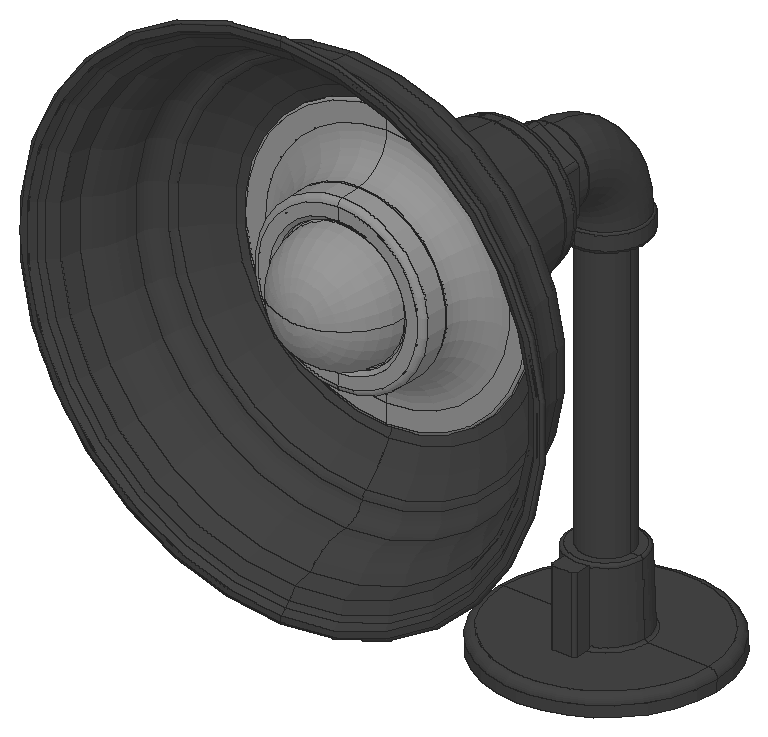
Revit family "BLE-G-WHB-G4-LED", category Lighting Fixtures, host Face, Revit 2022 (continued)
Definition of nested family "WHB Shade"
  Definition of nested family "SHD-0022"
    Automatic sketch dimensions
      Revolve 2 sketch curve to plane 28 = 0' - 0"
      Revolve 2 sketch curve to plane 44 = 0' - 0"  (x2)
      Revolve 2 sketch curve to plane 45 = 0' - 0"
      Revolve 2 sketch curve to plane 25 = 0' - 0"  (x2)
      Revolve 2 sketch curve to plane 26 = 0' - 0"
      Revolve 2 sketch curve to plane 23 = 0' - 0"
      Revolve 2 sketch curve to plane 24 = 0' - 0"
      Revolve 2 sketch curve to plane 17 = 0' - 0"  (x2)
      Revolve 2 sketch curve to plane 18 = 0' - 0"
      Revolve 2 sketch curve to plane 43 = 0' - 0"
      Revolve 2 sketch curve to plane 15 = 0' - 0"
      Revolve 2 sketch curve to plane 11 = 0' - 0"
      Revolve 2 sketch curve to plane 12 = 0' - 0"
      Revolve 2 sketch curve to level = 0' - 0"
      Revolve 2 sketch curve to plane 46 = 0' - 0"
      plane 47 to Revolve 2 sketch curve = 0' - 0.0179"
      plane 40 to Revolve 2 sketch curve = 0' - 0.02959"
      Revolve 2 sketch curve to plane 38 = 0' - 0.10628"
      Revolve 2 sketch curve to plane 36 = 0' - 0.02996"
      plane 36 to Revolve 2 sketch curve = 0' - 0.01329"
      Revolve 2 sketch curve to plane 35 = 0' - 0.01376"
      Revolve 2 sketch curve to Revolve 2 sketch curve = 0' - 0.03566"
      Revolve 2 sketch curve to Revolve 2 sketch curve = 0' - 1.02937"
      plane 34 to Revolve 2 sketch curve = 0' - 0.03194"
      plane 24 to Revolve 2 sketch curve = 0' - 0.02435"
      plane 21 to Revolve 2 sketch curve = 0' - 0.01402"
      Revolve 2 sketch curve to plane 22 = 0' - 0.01758"
      plane 22 to Revolve 2 sketch curve = 0' - 0.00677"
      plane 19 to Revolve 2 sketch curve = 0' - 0.01379"
      plane 25 to Revolve 2 sketch curve = 0' - 0.01516"
      Revolve 2 sketch curve to plane 16 = 0' - 0.00281"
      plane 14 to Revolve 2 sketch curve = 0' - 0.00034"
      plane 13 to Revolve 2 sketch curve = 0' - 0.00088"
      Revolve 2 sketch curve to Revolve 2 sketch curve = 0' - 0.03885"
      Revolve 2 sketch curve to plane 9 = 0' - 0.02661"
      plane 11 to Revolve 2 sketch curve = 0' - 0.00408"
      Revolve 2 sketch curve to plane 9 = 0' - 0.02415"
      plane 7 to Revolve 2 sketch curve = 0' - 0.00188"
      Revolve 2 sketch curve to plane 6 = 0' - 0.00219"
      Revolve 2 sketch curve to plane 6 = 0' - 0.00024"
      Revolve 2 sketch curve to plane 8 = 0' - 0.00431"
      plane 6 to Revolve 2 sketch curve = 0' - 0.01338"
      plane 5 to Revolve 2 sketch curve = 0' - 0.00799"
      plane 6 to Revolve 2 sketch curve = 0' - 0.03826"
      plane 4 to Revolve 2 sketch curve = 0' - 0.00196"
      level to Revolve 2 sketch curve = 0' - 0 5/128"
      plane 11 to Revolve 2 sketch curve = 0' - 0.0107"
      Revolve 2 sketch curve to plane 23 = 0' - 0.01444"
      plane 23 to Revolve 2 sketch curve = 0' - 0.03054"
      plane 33 to Revolve 2 sketch curve = 0' - 0.02427"
      Revolve 2 sketch curve to plane 35 = 0' - 0.16955"
      plane 39 to Revolve 2 sketch curve = 0' - 0.0255"
      Revolve 2 sketch curve to plane 46 = 0' - 0 5/128"
      plane 41 to Revolve 2 sketch curve = 0' - 0.11598"
      plane 11 to Revolve 2 sketch curve = 0' - 0.32444"
      plane 13 to Revolve 2 sketch curve = 0' - 0.162"
  Definition of nested family "SHD-0021"
    Parameters (values of type "SHD-0021")
      Shade Material = none
      Default Elevation = 2' - 0"
    Reference planes (in)
      plane 1 "Center (Front/Back)": y = 0
      plane 2: z = 0
      plane 3 "Center (Left/Right)": x = 0
      plane 4: x = -1.27876
      plane 5: z = 0.137
      plane 6: x = -1.44076
      plane 7: x = -1.46776
      plane 8: z = 0.294
      plane 9: x = -1.48176
      plane 10: z = 0.311
      plane 11: z = 0.395
      plane 12: x = -1.54476
      plane 13: z = 2.088
      plane 14: x = -1.72276
      plane 15: z = 2.5
      plane 16: x = -2.18076
      plane 17: z = 2.608
      plane 18: x = -2.43176
      plane 19: x = -2.82376
      plane 20: z = 2.873
      plane 21: z = 2.895
      plane 22: x = -2.87876
      plane 23: z = 2.954
      plane 24: x = -2.95276
      plane 25: z = 3.023
      plane 26: x = -3.10676
      plane 27: z = 4.006
      plane 28: x = -6.02976
      plane 29: z = 4.19
      plane 30: x = -6.22876
      plane 31: z = 4.534
      plane 32: x = -6.40776
      plane 33: z = 5.391
      plane 34: x = -6.78276
      plane 35: z = 7.548
      plane 36: x = -7.74776
      plane 37: z = 7.704
      plane 38: x = -7.94076
      plane 39: z = 7.872
      plane 40: x = -8.19776
      plane 41: z = 8.118
      plane 42: x = -8.33276
      plane 43: x = -2.27776
      plane 44: z = 3.556
      plane 45: x = -5.39176
      plane 46: z = 7.958
      plane 47: x = -8.40976
      plane 48: x = -8.44276
    Forms (in)
      Extrusion 1, solid
        sketch origin (0.09263, 0, 0.02324) x (1, 0, 0) y (0, 1, 0)
          loop
            line (-48, 48) -> (-48, -48) -> (48, -48) -> (48, 48) -> (-48, 48)
        from -0.02324 to -12
      Revolve 2, solid, material <- "Shade Material"
        sketch origin (0, 0, 0) x (1, 0, 0) y (0, 0, 1)
          loop
            line (0, 0) -> (0, 0.03906) -> (-1.2768, 0.03906)
            arc (-1.2768, 0.03906) -> (-1.35899, 0.06907) -> (-1.4025, 0.14499) r 0.12754
            line (-1.4025, 0.14499) -> (-1.42739, 0.28969)
            arc (-1.42739, 0.28969) -> (-1.44233, 0.32466) -> (-1.47142, 0.34916) r 0.08217
            arc (-1.47142, 0.34916) -> (-1.49504, 0.36972) -> (-1.50591, 0.39908) r 0.06331
            line (-1.50591, 0.39908) -> (-1.68358, 2.08888)
            arc (-1.68358, 2.08888) -> (-1.84717, 2.40993) -> (-2.18358, 2.53906) r 0.50276
            line (-2.18358, 2.53906) -> (-2.27776, 2.53906)
            arc (-2.27776, 2.53906) -> (-2.34938, 2.56167) -> (-2.39504, 2.62131) r 0.12473
            arc (-2.39504, 2.62131) -> (-2.55131, 2.82856) -> (-2.79707, 2.91211) r 0.44133
            arc (-2.79707, 2.91211) -> (-2.83676, 2.91975) -> (-2.87199, 2.93956) r 0.1261
            line (-2.87199, 2.93956) -> (-2.92841, 2.98454)
            arc (-2.92841, 2.98454) -> (-3.00942, 3.0339) -> (-3.10018, 3.0615) r 0.37764
            arc (-3.10018, 3.0615) -> (-3.82518, 3.20008) -> (-4.54423, 3.36682) r 18.935
            arc (-4.54423, 3.36682) -> (-4.89816, 3.46771) -> (-5.25153, 3.57053) r 67.20826
            arc (-5.25153, 3.57053) -> (-5.42028, 3.70111) -> (-5.56302, 3.8597) r 1.19083
            arc (-5.56302, 3.8597) -> (-5.65452, 3.96172) -> (-5.76247, 4.04615) r 0.77987
            arc (-5.76247, 4.04615) -> (-5.88906, 4.18342) -> (-5.93432, 4.36459) r 0.37728
            arc (-5.93432, 4.36459) -> (-6.03243, 4.84456) -> (-6.31527, 5.24456) r 1.19223
            line (-6.31527, 5.24456) -> (-6.9641, 6.69444)
            arc (-6.9641, 6.69444) -> (-7.02564, 6.76847) -> (-7.10117, 6.82816) r 0.46277
            line (-7.10117, 6.82816) -> (-7.33587, 7.04516) -> (-7.45485, 7.04516)
            arc (-7.45485, 7.04516) -> (-7.50126, 6.99876) -> (-7.45485, 6.95235) r 0.0464
            line (-7.45485, 6.95235) -> (-7.29303, 6.95235) -> (-7.12501, 6.79701)
            arc (-7.12501, 6.79701) -> (-7.05533, 6.74284) -> (-6.99838, 6.67541) r 0.42371
            line (-6.99838, 6.67541) -> (-6.34765, 5.22128)
            arc (-6.34765, 5.22128) -> (-6.06985, 4.83266) -> (-5.97338, 4.3648) r 1.15316
            arc (-5.97338, 4.3648) -> (-5.92344, 4.16487) -> (-5.78374, 4.01338) r 0.41634
            arc (-5.78374, 4.01338) -> (-5.6812, 3.93319) -> (-5.59428, 3.83628) r 0.74081
            arc (-5.59428, 3.83628) -> (-5.4448, 3.67058) -> (-5.26784, 3.53461) r 1.2299
            arc (-5.26784, 3.53461) -> (-4.91136, 3.43086) -> (-4.55432, 3.32907) r 67.24732
            arc (-4.55432, 3.32907) -> (-3.83352, 3.16192) -> (-3.10676, 3.023) r 18.97406
            arc (-3.10676, 3.023) -> (-3.0254, 2.99825) -> (-2.95276, 2.954) r 0.33858
            line (-2.95276, 2.954) -> (-2.89634, 2.90902)
            arc (-2.89634, 2.90902) -> (-2.85019, 2.88307) -> (-2.79821, 2.87306) r 0.16516
            arc (-2.79821, 2.87306) -> (-2.57421, 2.79691) -> (-2.43176, 2.608) r 0.40227
            arc (-2.43176, 2.608) -> (-2.37181, 2.52969) -> (-2.27776, 2.5) r 0.1638
            line (-2.27776, 2.5) -> (-2.18358, 2.5)
            arc (-2.18358, 2.5) -> (-1.87331, 2.3809) -> (-1.72243, 2.08479) r 0.46369
            line (-1.72243, 2.08479) -> (-1.54476, 0.395)
            arc (-1.54476, 0.395) -> (-1.52718, 0.34751) -> (-1.48898, 0.31427) r 0.10237
            arc (-1.48898, 0.31427) -> (-1.47372, 0.30141) -> (-1.46588, 0.28307) r 0.04311
            line (-1.46588, 0.28307) -> (-1.441, 0.13837)
            arc (-1.441, 0.13837) -> (-1.38416, 0.0392) -> (-1.2768, 0) r 0.1666
            line (-1.2768, 0) -> (0, 0)
          axis (0, 7.04516) -> (0, 0)
        angle from 0 to 360
    Dimensions and locks (in)
      locked: plane 5 to Extrusion 1 at 0.137
      locked: plane 8 to plane 5 at 0.157
      locked: plane 10 to plane 8 at 0.017
      locked: plane 11 to plane 10 at 0.084
      locked: plane 13 to plane 11 at 1.693
      locked: plane 15 to plane 13 at 0.412
      locked: plane 17 to plane 15 at 0.108
      locked: plane 20 to plane 17 at 0.265
      locked: plane 21 to plane 20 at 0.022
      locked: plane 23 to plane 21 at 0.059
      locked: plane 25 to plane 23 at 0.069
      locked: plane 29 to plane 27 at 0.184
      locked: plane 31 to plane 29 at 0.344
      locked: plane 33 to plane 31 at 0.857
      locked: plane 35 to plane 33 at 2.157
      locked: plane 37 to plane 35 at 0.156
      locked: plane 39 to plane 37 at 0.168
      locked: plane 41 to plane 39 at 0.246
      locked: plane 16 to plane 43 at 0.097
      locked: plane 44 to plane 25 at 0.533
      locked: plane 27 to plane 44 at 0.45
      locked: plane 41 to plane 46 at 0.16
      locked: plane 3 "Center (Left/Right)" to plane 4 at 1.27876
      locked: plane 4 to plane 6 at 0.162
      locked: plane 6 to plane 9 at 0.041
      locked: plane 9 to plane 12 at 0.063
      locked: plane 12 to plane 14 at 0.178
      locked: plane 14 to plane 16 at 0.458
      locked: plane 43 to plane 18 at 0.154
      locked: plane 18 to plane 19 at 0.392
      locked: plane 19 to plane 22 at 0.055
      locked: plane 22 to plane 24 at 0.074
      locked: plane 24 to plane 26 at 0.154
      plane 3 "Center (Left/Right)" to plane 45 = 0' - 5.39176"
      locked: plane 36 to plane 38 at 0.193
      locked: plane 38 to plane 40 at 0.257
      locked: plane 40 to plane 42 at 0.135
      locked: plane 42 to plane 47 at 0.077
      locked: plane 47 to plane 48 at 0.033
      aligned and locked: plane 2 to Extrusion 1
      aligned and locked: level to Extrusion 1
      aligned and locked: Revolve 2 sketch curve to plane 3 "Center (Left/Right)"  (x2)
    Automatic sketch dimensions
      Extrusion 1 sketch curve to Extrusion 1 sketch curve = 8' - 0"  (x2)
      Revolve 2 sketch curve to Revolve 2 sketch curve = 0' - 0"  (x35)
      Revolve 2 sketch curve to plane 25 = 0' - 0"  (x2)
      Revolve 2 sketch curve to plane 26 = 0' - 0"
      Revolve 2 sketch curve to plane 23 = 0' - 0"
      Revolve 2 sketch curve to plane 24 = 0' - 0"
      Revolve 2 sketch curve to plane 17 = 0' - 0"  (x2)
      Revolve 2 sketch curve to plane 18 = 0' - 0"
      Revolve 2 sketch curve to plane 15 = 0' - 0"
      Revolve 2 sketch curve to plane 43 = 0' - 0"
      Revolve 2 sketch curve to plane 11 = 0' - 0"
      Revolve 2 sketch curve to plane 12 = 0' - 0"
      Revolve 2 sketch curve to level = 0' - 0"
      Revolve 2 sketch curve to Revolve 2 sketch curve = 0' - 0.21107"
      plane 31 to Revolve 2 sketch curve = 0' - 0.03985"
      plane 45 to Revolve 2 sketch curve = 0' - 0.78168"
      Revolve 2 sketch curve to plane 45 = 0' - 0.16528"
      plane 30 to Revolve 2 sketch curve = 0' - 0.04167"
      Revolve 2 sketch curve to plane 30 = 0' - 0.08651"
      Revolve 2 sketch curve to Revolve 2 sketch curve = 0' - 0.03238"
      Revolve 2 sketch curve to plane 34 = 0' - 0.18134"
      Revolve 2 sketch curve to Revolve 2 sketch curve = 0' - 0.03428"
      Revolve 2 sketch curve to Revolve 2 sketch curve = 0' - 0.10279"
      Revolve 2 sketch curve to Revolve 2 sketch curve = 0' - 0.02385"
      Revolve 2 sketch curve to plane 31 = 0' - 0.1631"
      Revolve 2 sketch curve to plane 34 = 0' - 0 11/32"
      Revolve 2 sketch curve to Revolve 2 sketch curve = 0' - 0.19186"
      plane 36 to Revolve 2 sketch curve = 0' - 0.39897"
      Revolve 2 sketch curve to Revolve 2 sketch curve = 0' - 0.16182"
      plane 24 to Revolve 2 sketch curve = 0' - 0.02435"
      plane 21 to Revolve 2 sketch curve = 0' - 0.01402"
      Revolve 2 sketch curve to plane 22 = 0' - 0.01758"
      plane 22 to Revolve 2 sketch curve = 0' - 0.00677"
      plane 19 to Revolve 2 sketch curve = 0' - 0.01379"
      plane 25 to Revolve 2 sketch curve = 0' - 0.01516"
      Revolve 2 sketch curve to plane 16 = 0' - 0.00281"
      plane 14 to Revolve 2 sketch curve = 0' - 0.00034"
      plane 13 to Revolve 2 sketch curve = 0' - 0.00088"
      Revolve 2 sketch curve to Revolve 2 sketch curve = 0' - 0.03885"
      Revolve 2 sketch curve to plane 9 = 0' - 0.02661"
      plane 11 to Revolve 2 sketch curve = 0' - 0.00408"
      Revolve 2 sketch curve to plane 9 = 0' - 0.02415"
      plane 7 to Revolve 2 sketch curve = 0' - 0.00188"
      Revolve 2 sketch curve to plane 6 = 0' - 0.00219"
      Revolve 2 sketch curve to plane 6 = 0' - 0.00024"
      Revolve 2 sketch curve to plane 8 = 0' - 0.00431"
      plane 6 to Revolve 2 sketch curve = 0' - 0.01338"
      plane 5 to Revolve 2 sketch curve = 0' - 0.00799"
      plane 6 to Revolve 2 sketch curve = 0' - 0.03826"
      plane 4 to Revolve 2 sketch curve = 0' - 0.00196"
      plane 3 "Center (Left/Right)" to Revolve 2 sketch curve = 0' - 0.09162"
      plane 3 "Center (Left/Right)" to Revolve 2 sketch curve = 1' - 1.70309"
      level to Revolve 2 sketch curve = 0' - 0 5/128"
      plane 11 to Revolve 2 sketch curve = 0' - 0.0107"
      Revolve 2 sketch curve to plane 23 = 0' - 0.01444"
      plane 23 to Revolve 2 sketch curve = 0' - 0.03054"
      Revolve 2 sketch curve to plane 44 = 0' - 0.16398"
      Revolve 2 sketch curve to plane 31 = 0' - 0.1714"
      Revolve 2 sketch curve to plane 33 = 0' - 0.16972"
      Revolve 2 sketch curve to Revolve 2 sketch curve = 0' - 0.02328"
      plane 33 to Revolve 2 sketch curve = 0' - 1.04622"
      Revolve 2 sketch curve to Revolve 2 sketch curve = 0' - 0.23818"
      Revolve 2 sketch curve to Revolve 2 sketch curve = 0' - 0.01904"
      Revolve 2 sketch curve to Revolve 2 sketch curve = 0' - 0.12419"
      Revolve 2 sketch curve to Revolve 2 sketch curve = 0' - 0.0464"
      Revolve 2 sketch curve to Revolve 2 sketch curve = 3' - 10.325"
      Revolve 2 sketch curve to plane 44 = 0' - 0.18918"
      plane 45 to Revolve 2 sketch curve = 0' - 0.84753"
      Revolve 2 sketch curve to Revolve 2 sketch curve = 0' - 0.01009"
      plane 44 to Revolve 2 sketch curve = 0' - 0.01453"
      Revolve 2 sketch curve to plane 44 = 0' - 0.02139"
      Revolve 2 sketch curve to Revolve 2 sketch curve = 0' - 0.04284"
      plane 11 to Revolve 2 sketch curve = 0' - 0.32444"
      plane 13 to Revolve 2 sketch curve = 0' - 0.162"
Definition of nested family "ACR-0306"
  Parameters (values of type "Flat")
    Flat = yes
    Dome = no
    Default Elevation = 2' - 0"
  Types (3): name | Flat | Dome
    (no name) | yes | no
    Dome | no | yes
    Flat | yes | no
  Reference planes (in)
    plane 1 "Center (Front/Back)": y = 0
    plane 2: z = 0
    plane 3 "Center (Left/Right)": x = 0
  Forms (in)
    Extrusion 1, solid
      sketch origin (0, 0, 0) x (1, 0, 0) y (0, 1, 0)
        loop
          line (-48, 48) -> (-48, -48) -> (48, -48) -> (48, 48) -> (-48, 48)
      from 0 to -12
  Dimensions and locks (in)
    aligned and locked: plane 2 to Extrusion 1
    aligned and locked: level to Extrusion 1
    aligned and locked: plane 3 "Center (Left/Right)" to nested 1
    aligned and locked: plane 1 "Center (Front/Back)" to nested 1
    aligned and locked: plane 1 "Center (Front/Back)" to nested 2
    aligned and locked: plane 3 "Center (Left/Right)" to nested 2
  Nested families (in)
    nested 1: "ACR-0306-FL" at (0, 0, 0), visible <- "Flat", type "ACR-0306-FL"
    nested 2: "ACR-0306-DL" at (0, 0, 0), visible <- "Dome", type "ACR-0306-DL"
  Definition of nested family "ACR-0306-FL"
    Parameters (values of type "ACR-0306-FL")
      Default Elevation = 2' - 0"
    Reference planes (in)
      plane 1 "Center (Front/Back)": y = 0
      plane 2: z = 0
      plane 3 "Center (Left/Right)": x = 0
    Forms (in)
      Extrusion 1, solid
        sketch origin (0, 0, 0) x (1, 0, 0) y (0, 1, 0)
          loop
            line (-48, 48) -> (-48, -48) -> (48, -48) -> (48, 48) -> (-48, 48)
        from 0 to -12
      Revolve 2, solid
        sketch origin (0, 0, 0) x (1, 0, 0) y (0, 0, 1)
          loop
            line (0, 0) -> (0, 0.0811) -> (-1.55567, 0.0811)
            arc (-1.55567, 0.0811) -> (-1.56963, 0.07532) -> (-1.57541, 0.06137) r 0.01973
            line (-1.57541, 0.06137) -> (-1.57541, 0) -> (0, 0)
          axis (0, 0.0811) -> (0, 0)
        angle from 0 to 360
    Dimensions and locks (in)
      aligned and locked: plane 2 to Extrusion 1
      aligned and locked: level to Extrusion 1
      aligned and locked: Revolve 2 sketch curve to plane 3 "Center (Left/Right)"
    Automatic sketch dimensions
      Extrusion 1 sketch curve to Extrusion 1 sketch curve = 8' - 0"  (x2)
      Revolve 2 sketch curve to plane 3 "Center (Left/Right)" = 0' - 0"
      Revolve 2 sketch curve to level = 0' - 0"
      level to Revolve 2 sketch curve = 0' - 0.06137"
      Revolve 2 sketch curve to plane 3 "Center (Left/Right)" = 0' - 1.55567"
      Revolve 2 sketch curve to Revolve 2 sketch curve = 0' - 0.01973"
      Revolve 2 sketch curve to Revolve 2 sketch curve = 0' - 0.42716"
      Revolve 2 sketch curve to Revolve 2 sketch curve = 0' - 1.63223"
  Definition of nested family "ACR-0306-DL"
    Parameters (values of type "ACR-0306-DL")
      Default Elevation = 2' - 0"
    Reference planes (in)
      plane 1 "Center (Front/Back)": y = 0
      plane 2: z = 0
      plane 3 "Center (Left/Right)": x = 0
    Forms (in)
      Extrusion 1, solid
        sketch origin (0, 0, 0) x (1, 0, 0) y (0, 1, 0)
          loop
            line (-48, 48) -> (-48, -48) -> (48, -48) -> (48, 48) -> (-48, 48)
        from 0 to -12
      Revolve 2, solid
        sketch origin (0, 0, 0) x (1, 0, 0) y (0, 0, 1)
          loop
            arc (-1.31383, 0) -> (-1.24748, 0.02724) -> (-1.2194, 0.09324) r 0.09444
            arc (-1.2194, 0.09324) -> (-0.85683, 0.94555) -> (0, 1.29728) r 1.2195
            line (0, 1.29728) -> (0, 1.37984)
            arc (0, 1.37984) -> (-0.90946, 1.00889) -> (-1.30005, 0.1077) r 1.30036
            arc (-1.30005, 0.1077) -> (-1.30822, 0.08886) -> (-1.32723, 0.0811) r 0.02719
            line (-1.32723, 0.0811) -> (-1.55567, 0.0811)
            arc (-1.55567, 0.0811) -> (-1.56963, 0.07532) -> (-1.57541, 0.06137) r 0.01973
            line (-1.57541, 0.06137) -> (-1.57541, 0) -> (-1.31383, 0)
          axis (0, 1.37984) -> (0, 0)
        angle from 0 to 360
    Dimensions and locks (in)
      aligned and locked: plane 2 to Extrusion 1
      aligned and locked: level to Extrusion 1
      aligned and locked: Revolve 2 sketch curve to plane 3 "Center (Left/Right)"
    Automatic sketch dimensions
      Extrusion 1 sketch curve to Extrusion 1 sketch curve = 8' - 0"  (x2)
      Revolve 2 sketch curve to level = 0' - 0"
      Revolve 2 sketch curve to plane 3 "Center (Left/Right)" = 0' - 0"  (x3)
      Revolve 2 sketch curve to plane 3 "Center (Left/Right)" = 0' - 1.31383"
      Revolve 2 sketch curve to Revolve 2 sketch curve = 0' - 0.0134"
      level to Revolve 2 sketch curve = 0' - 0.06137"
      Revolve 2 sketch curve to Revolve 2 sketch curve = 0' - 0.22844"
      Revolve 2 sketch curve to Revolve 2 sketch curve = 0' - 0.01973"
      level to Revolve 2 sketch curve = 0' - 0.07778"
      Revolve 2 sketch curve to Revolve 2 sketch curve = 0' - 0.00169"
      Revolve 2 sketch curve to Revolve 2 sketch curve = 0' - 0.01334"
      Revolve 2 sketch curve to Revolve 2 sketch curve = 0' - 0.01385"
      Revolve 2 sketch curve to Revolve 2 sketch curve = 0' - 1.2178"
      Revolve 2 sketch curve to Revolve 2 sketch curve = 0' - 0.08255"
      Revolve 2 sketch curve to level = 0' - 0.42716"
      Revolve 2 sketch curve to Revolve 2 sketch curve = 0' - 0.3335"
Definition of nested family "RNG-0007"
  Parameters (values of type "RNG-0007")
    Default Elevation = 2' - 0"
  Reference planes (in)
    plane 1 "Center (Front/Back)": y = 0
    plane 2: z = 0
    plane 3 "Center (Left/Right)": x = 0
    plane 4: x = -1.35
  Forms (in)
    Extrusion 1, solid
      sketch origin (0, 0, 0.00163) x (1, 0, 0) y (0, 1, 0)
        loop
          line (-48, 48) -> (-48, -48) -> (48, -48) -> (48, 48) -> (-48, 48)
      from -0.00163 to -12
    Revolve 2, solid
      sketch origin (0, 0, 0) x (1, 0, 0) y (0, 0, 1)
        loop
          line (-1.62365, -0.38995) -> (-1.62365, 0) -> (-1.35, 0) -> (-1.35, 0.0714) -> (-1.42851, 0.14991) -> (-1.67485, 0.14991)
          arc (-1.67485, 0.14991) -> (-1.76216, 0.11443) -> (-1.79998, 0.02812) r 0.12517
          line (-1.79998, 0.02812) -> (-1.81128, -0.38995) -> (-1.62365, -0.38995)
        axis (0, 0.14991) -> (0, -0.38995)
      angle from 0 to 360
  Dimensions and locks (in)
    locked: plane 3 "Center (Left/Right)" to plane 4 at 1.35
    aligned and locked: plane 2 to Extrusion 1
    aligned and locked: level to Extrusion 1
    aligned and locked: Revolve 2 sketch curve to plane 3 "Center (Left/Right)"
  Automatic sketch dimensions
    Extrusion 1 sketch curve to Extrusion 1 sketch curve = 8' - 0"  (x2)
    Revolve 2 sketch curve to level = 0' - 0.38995"
    Revolve 2 sketch curve to plane 4 = 0' - 0"
    Revolve 2 sketch curve to plane 4 = 0' - 0.07851"
    Revolve 2 sketch curve to Revolve 2 sketch curve = 0' - 0.19514"
    Revolve 2 sketch curve to Revolve 2 sketch curve = 0' - 0.0512"
    Revolve 2 sketch curve to Revolve 2 sketch curve = 0' - 0.12513"
    Revolve 2 sketch curve to Revolve 2 sketch curve = 0' - 0.18763"
    Revolve 2 sketch curve to Revolve 2 sketch curve = 0' - 0.38995"
    Revolve 2 sketch curve to Revolve 2 sketch curve = 0' - 0.02473"
    Revolve 2 sketch curve to Revolve 2 sketch curve = 0' - 0.0714"
    Revolve 2 sketch curve to level = 0' - 0.0832"
    level to Revolve 2 sketch curve = 0' - 0.71355"
Definition of nested family "CPL-0004"
  Parameters (values of type "CPL-0004")
    Coupler Material = none
    Default Elevation = 2' - 0"
  Reference planes (in)
    plane 1 "Center (Front/Back)": y = 0
    plane 2: z = 0
    plane 3 "Center (Left/Right)": x = 0
    plane 4 "Wood Height": z = 0
    plane 5: y = 0.875
    plane 6: z = 0.4
  Forms (in)
    Extrusion 1, solid
      sketch origin (0, 0, 0) x (1, 0, 0) y (0, 1, 0)
        loop
          line (-48, 48) -> (-48, -48) -> (48, -48) -> (48, 48) -> (-48, 48)
      from 0 to -12
    Extrusion 2, solid, material <- "Coupler Material"
      sketch origin (0, 0, 0) x (1, 0, 0) y (0, 1, 0)
        loop
          line (-0.54127, 0.8125) -> (-0.97428, 0.0625)
          arc (-0.97428, 0.0625) -> (-0.99103, 0) -> (-0.97428, -0.0625) r 0.125
          line (-0.97428, -0.0625) -> (-0.54127, -0.8125)
          arc (-0.54127, -0.8125) -> (-0.49551, -0.85825) -> (-0.43301, -0.875) r 0.125
          line (-0.43301, -0.875) -> (0.43301, -0.875)
          arc (0.43301, -0.875) -> (0.49551, -0.85825) -> (0.54127, -0.8125) r 0.125
          line (0.54127, -0.8125) -> (0.97428, -0.0625)
          arc (0.97428, -0.0625) -> (0.99103, 0) -> (0.97428, 0.0625) r 0.125
          line (0.97428, 0.0625) -> (0.54127, 0.8125)
          arc (0.54127, 0.8125) -> (0.49551, 0.85825) -> (0.43301, 0.875) r 0.125
          line (0.43301, 0.875) -> (-0.43301, 0.875)
          arc (-0.43301, 0.875) -> (-0.49551, 0.85825) -> (-0.54127, 0.8125) r 0.125
      from 0 to 0.4
    Revolve 3, solid, material <- "Coupler Material"
      sketch origin (0, 0, 0) x (1, 0, 0) y (0, 0, 1)
        loop
          line (0, 0.65018) -> (-1.00921, 0.65018) -> (-1.03665, 0.61971) -> (-1.02973, 0.43008)
          arc (-1.02973, 0.43008) -> (-1.02417, 0.41239) -> (-1.01036, 0.4) r 0.03506
          line (-1.01036, 0.4) -> (0, 0.4) -> (0, 0.65018)
        axis (0, 0.65018) -> (0, 0.4)
      angle from 0 to 360
  Dimensions and locks (in)
    locked: plane 5 to plane 1 "Center (Front/Back)" at 0.875
    locked: plane 6 to Extrusion 1 at 0.4
    aligned and locked: plane 2 to Extrusion 1
    aligned and locked: level to Extrusion 1
    aligned and locked: Extrusion 1 to plane 4 "Wood Height"
    aligned and locked: Revolve 3 sketch curve to plane 3 "Center (Left/Right)"
  Automatic sketch dimensions
    Extrusion 1 sketch curve to Extrusion 1 sketch curve = 8' - 0"  (x2)
    Revolve 3 sketch curve to plane 6 = 0' - 0"
    Revolve 3 sketch curve to plane 3 "Center (Left/Right)" = 0' - 0"
    plane 6 to Revolve 3 sketch curve = 0' - 0.03136"
    Revolve 3 sketch curve to plane 3 "Center (Left/Right)" = 0' - 0.99469"
    plane 6 to Revolve 3 sketch curve = 0' - 0.25018"
    Revolve 3 sketch curve to Revolve 3 sketch curve = 0' - 0.01453"
    Revolve 3 sketch curve to Revolve 3 sketch curve = 0' - 0.01568"
    plane 6 to Revolve 3 sketch curve = 0' - 0.03008"
    plane 6 to Revolve 3 sketch curve = 0' - 0.21971"
    Revolve 3 sketch curve to Revolve 3 sketch curve = 0' - 0.02744"
    Revolve 3 sketch curve to level = 0' - 0.16839"
    Revolve 3 sketch curve to Revolve 3 sketch curve = 0' - 0.1618"
    plane 1 "Center (Front/Back)" to Extrusion 2 sketch curve = 0' - 0"  (x2)
    Extrusion 2 sketch curve to plane 5 = 0' - 0"
    Extrusion 2 sketch curve to plane 1 "Center (Front/Back)" = 0' - 0 1/16"  (x2)
    plane 1 "Center (Front/Back)" to Extrusion 2 sketch curve = 0' - 0 1/16"  (x2)
    Extrusion 2 sketch curve to Extrusion 2 sketch curve = 0' - 0.10825"  (x4)
    Extrusion 2 sketch curve to plane 3 "Center (Left/Right)" = 0' - 0.54127"
    Extrusion 2 sketch curve to plane 5 = 0' - 0 1/16"  (x2)
    plane 3 "Center (Left/Right)" to Extrusion 2 sketch curve = 0' - 0.43301"  (x2)
Definition of nested family "103805"
  Parameters (values of type "103805")
    Heat Sink 6" = yes
    Default Elevation = 2' - 0"
  Reference planes (in)
    plane 1 "Center (Front/Back)": y = 0
    plane 2: z = 0
    plane 3 "Center (Left/Right)": x = 0
  Forms (in)
    Extrusion 1, solid
      sketch origin (0, 0, 0) x (1, 0, 0) y (0, 1, 0)
        loop
          line (-48, 48) -> (-48, -48) -> (48, -48) -> (48, 48) -> (-48, 48)
      from 0 to -12
    Revolve 2, solid, visible <- "Heat Sink 6""
      sketch origin (0, 0, 0) x (1, 0, 0) y (0, 0, 1)
        loop
          line (0, 0) -> (0, 0.62434) -> (-1.30334, 0.62434)
          arc (-1.30334, 0.62434) -> (-1.32437, 0.63289) -> (-1.33347, 0.65368) r 0.03013
          line (-1.33347, 0.65368) -> (-1.34912, 1.25004) -> (-1.62392, 1.25004) -> (-1.62392, 0.90054) -> (-1.81218, 0.90054)
          arc (-1.81218, 0.90054) -> (-2.04769, 0.40262) -> (-2.55995, 0.20019) r 0.74937
          line (-2.55995, 0.20019) -> (-2.95038, 0.20019)
          arc (-2.95038, 0.20019) -> (-2.98337, 0.18703) -> (-2.99824, 0.15477) r 0.04793
          line (-2.99824, 0.15477) -> (-2.99996, 0.12184) -> (-2.88993, 0.01181)
          arc (-2.88993, 0.01181) -> (-2.87685, 0.00307) -> (-2.86143, 0) r 0.04031
          line (-2.86143, 0) -> (0, 0)
        axis (0, 1.25004) -> (0, 0)
      angle from 0 to 360
  Dimensions and locks (in)
    aligned and locked: plane 2 to Extrusion 1
    aligned and locked: level to Extrusion 1
    aligned and locked: Revolve 2 sketch curve to plane 3 "Center (Left/Right)"
  Automatic sketch dimensions
    Extrusion 1 sketch curve to Extrusion 1 sketch curve = 8' - 0"  (x2)
    Revolve 2 sketch curve to level = 0' - 0"
    Revolve 2 sketch curve to plane 3 "Center (Left/Right)" = 0' - 0"
    level to Revolve 2 sketch curve = 0' - 0.62434"
    Revolve 2 sketch curve to plane 3 "Center (Left/Right)" = 0' - 1.30334"
    Revolve 2 sketch curve to Revolve 2 sketch curve = 0' - 0.03012"
    Revolve 2 sketch curve to Revolve 2 sketch curve = 0' - 0.29046"
    Revolve 2 sketch curve to Revolve 2 sketch curve = 0' - 0.18826"
    level to Revolve 2 sketch curve = 0' - 0.20019"
    Revolve 2 sketch curve to Revolve 2 sketch curve = 0' - 0.74777"
    Revolve 2 sketch curve to Revolve 2 sketch curve = 0' - 0.30148"
    level to Revolve 2 sketch curve = 0' - 0.01181"
    Revolve 2 sketch curve to Revolve 2 sketch curve = 0' - 0.0285"
    Revolve 2 sketch curve to Revolve 2 sketch curve = 0' - 0.08895"
    level to Revolve 2 sketch curve = 0' - 0.15477"
    Revolve 2 sketch curve to Revolve 2 sketch curve = 0' - 0.04786"
    Revolve 2 sketch curve to Revolve 2 sketch curve = 0' - 0.24686"
    Revolve 2 sketch curve to Revolve 2 sketch curve = 0' - 0.3495"
    Revolve 2 sketch curve to Revolve 2 sketch curve = 0' - 0.27481"
    Revolve 2 sketch curve to level = 0' - 1.22145"
    Revolve 2 sketch curve to Revolve 2 sketch curve = 0' - 1.65421"
Definition of nested family "103264"
  Parameters (values of type "103264")
    Heat Sink 9" = yes
    Default Elevation = 2' - 0"
  Reference planes (in)
    plane 1 "Center (Front/Back)": y = 0
    plane 2: z = 0
    plane 3 "Center (Left/Right)": x = 0
  Forms (in)
    Extrusion 1, solid
      sketch origin (0, 0, 0) x (1, 0, 0) y (0, 1, 0)
        loop
          line (-48, 48) -> (-48, -48) -> (48, -48) -> (48, 48) -> (-48, 48)
      from 0 to -12
    Revolve 2, solid, visible <- "Heat Sink 9""
      sketch origin (0, 0, 0) x (1, 0, 0) y (0, 0, 1)
        loop
          line (0, 0) -> (0, 0.62434) -> (-1.30334, 0.62434)
          arc (-1.30334, 0.62434) -> (-1.32437, 0.63289) -> (-1.33347, 0.65368) r 0.03013
          line (-1.33347, 0.65368) -> (-1.34912, 1.25004) -> (-1.62392, 1.25004) -> (-1.62392, 0.90054) -> (-1.81218, 0.90054)
          arc (-1.81218, 0.90054) -> (-2.04769, 0.40262) -> (-2.55995, 0.20019) r 0.74937
          line (-2.55995, 0.20019) -> (-4.45232, 0.20019)
          arc (-4.45232, 0.20019) -> (-4.48531, 0.18703) -> (-4.50018, 0.15477) r 0.04793
          line (-4.50018, 0.15477) -> (-4.50191, 0.12184) -> (-4.39187, 0.01181)
          arc (-4.39187, 0.01181) -> (-4.3788, 0.00307) -> (-4.36337, 0) r 0.04031
          line (-4.36337, 0) -> (0, 0)
        axis (0, 1.25004) -> (0, 0)
      angle from 0 to 360
  Dimensions and locks (in)
    aligned and locked: plane 2 to Extrusion 1
    aligned and locked: level to Extrusion 1
    aligned and locked: Revolve 2 sketch curve to plane 3 "Center (Left/Right)"
  Automatic sketch dimensions
    Extrusion 1 sketch curve to Extrusion 1 sketch curve = 8' - 0"  (x2)
    Revolve 2 sketch curve to level = 0' - 0"
    Revolve 2 sketch curve to plane 3 "Center (Left/Right)" = 0' - 0"
    level to Revolve 2 sketch curve = 0' - 0.62434"
    Revolve 2 sketch curve to plane 3 "Center (Left/Right)" = 0' - 1.30334"
    Revolve 2 sketch curve to Revolve 2 sketch curve = 0' - 0.03012"
    Revolve 2 sketch curve to Revolve 2 sketch curve = 0' - 0.29046"
    Revolve 2 sketch curve to Revolve 2 sketch curve = 0' - 0.18826"
    level to Revolve 2 sketch curve = 0' - 0.20019"
    Revolve 2 sketch curve to Revolve 2 sketch curve = 0' - 0.74777"
    Revolve 2 sketch curve to Revolve 2 sketch curve = 0' - 1.80342"
    level to Revolve 2 sketch curve = 0' - 0.01181"
    Revolve 2 sketch curve to Revolve 2 sketch curve = 0' - 0.0285"
    Revolve 2 sketch curve to Revolve 2 sketch curve = 0' - 0.08895"
    level to Revolve 2 sketch curve = 0' - 0.15477"
    Revolve 2 sketch curve to Revolve 2 sketch curve = 0' - 0.04786"
    Revolve 2 sketch curve to Revolve 2 sketch curve = 0' - 0.24686"
    Revolve 2 sketch curve to Revolve 2 sketch curve = 0' - 0.3495"
    Revolve 2 sketch curve to Revolve 2 sketch curve = 0' - 0.27481"
    Revolve 2 sketch curve to level = 0' - 1.22145"
    Revolve 2 sketch curve to Revolve 2 sketch curve = 0' - 1.65421"
Types (9): name | Heat Sink 9" | Heat Sink 6" | Heat Sink | Flat | Dome | 17" | 15" | 13" | 11"
  (no name) | no | yes | 0' - 5 17/32" | no | yes | no | no | no | yes
  11" Dome | no | yes | 0' - 5 17/32" | no | yes | no | no | no | yes
  13" Dome | yes | no | 0' - 5 119/128" | no | yes | no | no | yes | no
  15" Dome | yes | no | 0' - 5 109/128" | no | yes | no | yes | no | no
  17" Dome | yes | no | 0' - 5 109/128" | no | yes | yes | no | no | no
  11" Flat | no | yes | 0' - 5 17/32" | yes | no | no | no | no | yes
  13" Flat | yes | no | 0' - 5 119/128" | yes | no | no | no | yes | no
  15" Flat | yes | yes | 0' - 5 109/128" | yes | no | no | yes | no | no
  17" Flat | yes | no | 0' - 5 109/128" | yes | no | yes | no | no | no
